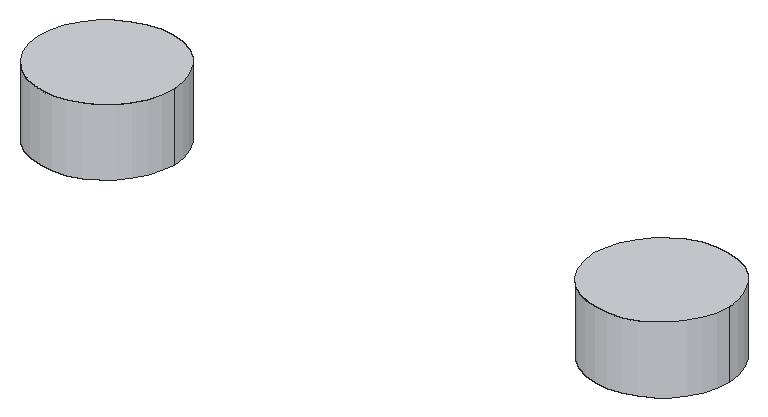
Revit family "E181.03_S6", category Plumbing Fixtures, Revit 2023
Family settings
  Round Connector Dimension = Use Diameter
  Part Type = Normal
  OmniClass Number = 23.45.55.17
  OmniClass Title = Mixing Faucets
  Work Plane-Based = No
  Enable Cutting in Views = Yes
  Always vertical = Yes
  Cut with Voids When Loaded = No
  Maintain Annotation Orientation = No
  Shared = No
  Room Calculation Point = No
Parameters (values of type "Standard")
  Waste Connection = no
  Vent Connection = no
  URL = "www.fvandina.com"
  Title = "Juego Monocomando Alto para Lavabos Vessel SAUCO"
  Teléfono de contacto = "FV Responde 1800 38 38 38"
  Presión = "60 PSI"
  Part Number = "E181.03/S6"
  Model = "E181.03/S6"
  Material = "Latón"
  Manufacturer = "FV – ÁREA ANDINA S.A."
  Instalación = "https://fvandina.com/producto/1922-juego-monocomando-alto-para-lavabos-vessel-sauco/"
  HW Connection = yes
  Garantía = "GARANTÍA TOTAL FV - DETALLES EN PÁGINA WEB"
  Dirección fabricante = "KM 25, VÍA SANGOLQUÍ AMAGUAÑA - PICHINCHA - ECUADOR"
  Description = "Juego Monocomando Alto para Lavabos Vessel SAUCO"
  Default Elevation = 0' - 0"
  Cota largo = "204 mm"
  Cota ancho = "50 mm"
  Cota alto = "291 mm"
  Consumo agua grifería = "8.3 l/min"
  Connector_2_Diameter = 0' - 0.3937"
  Connector_1_Diameter = 0' - 0.3937"
  Conexión hidráulica = "W9/16\" x 19"
  Company = "FV - GRIFERÍA, SANITARIOS, COMPLEMENTOS"
  Certificación = "INEN"
  Catalog web link = "https://fvandina.com/producto/1922-juego-monocomando-alto-para-lavabos-vessel-sauco/"
  CW Connection = yes
  Acabado = "Cromo"
Reference planes (in)
  plane 1 "Center (Front/Back)": y = 0
  plane 2: z = 0
  plane 3 "Center (Left/Right)": x = 0
Forms (in)
  Extrusion 1, solid
    sketch origin (0.49213, 0, 0) x (1, 0, 0) y (0, 1, 0)
      loop
        circle (0, 0) r 0.12
    from 0 to -0.12
  Extrusion 2, solid
    sketch origin (-0.49213, 0, 0) x (1, 0, 0) y (0, 1, 0)
      loop
        circle (0, 0) r 0.12
    from 0 to -0.12
Dimensions and locks (in)
  aligned and locked: plane 2 to level
Connectors (in)
  piping at (0.49213, 0, 0), diameter 0.3937, driven by "Connector_1_Diameter"
    settings: on Extrusion 1, index 1, connector inside diameter 24", connector length 0' - 0", flow factor 0, pipe flow 0 GPM, pressure drop 0.00 psi, fitting loss kfactor 0, connector angle 0.00°, fixture units 0, engagement length 0' - 0", angle of deflection 0.00°, flow configuration 1, flow direction 1, fitting loss method 0, system type 20, joint type 0, gender type 0, connector reference index -1, connector utility 0, adjustable connector no, is connector primary yes, connector description ""
  piping at (-0.49213, 0, 0), diameter 0.3937, driven by "Connector_2_Diameter"
    settings: on Extrusion 2, index 2, connector inside diameter 24", connector length 0' - 0", flow factor 0, pipe flow 0 GPM, pressure drop 0.00 psi, fitting loss kfactor 0, connector angle 0.00°, fixture units 0, engagement length 0' - 0", angle of deflection 0.00°, flow configuration 1, flow direction 1, fitting loss method 0, system type 19, joint type 0, gender type 0, connector reference index -1, connector utility 0, adjustable connector no, is connector primary no, connector description ""
